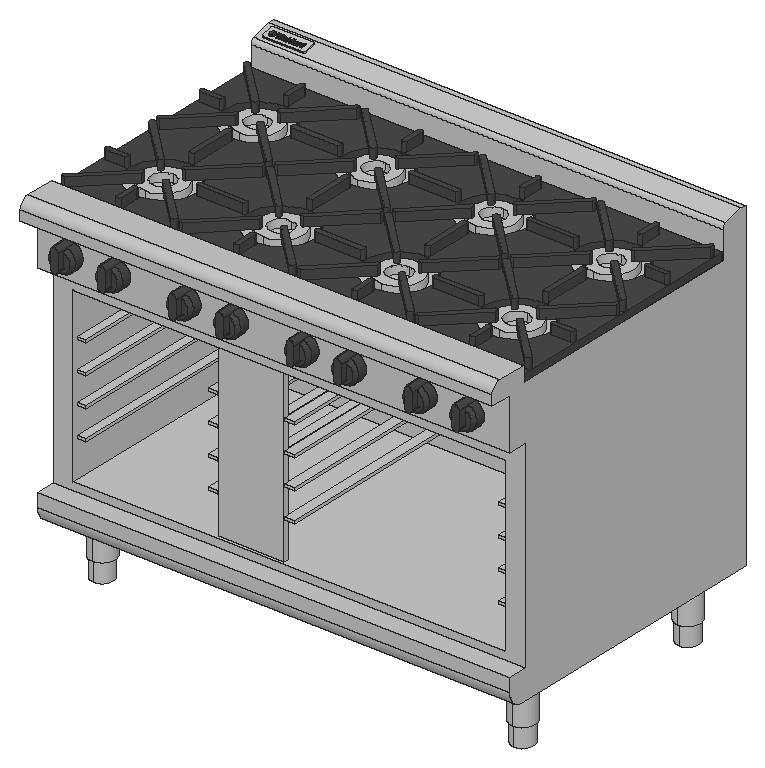
Revit family "QF_MOFFAT WALDORF_RNL8800G-CB", category Specialty Equipment, Revit 2012 (continued)
Definition of nested family "RNL8800G-CB-CASTERS"
  Forms (mm)
    Extrusion 3, solid, material "QF_Finishes_Stainless Steel", visible <- "Show Casters"
      sketch origin (3.326, 56.335, 0) x (0, 1, 0) y (0, 0, 1)
        loop
          line (-85.799, 141.118) -> (-85.799, 133.498) -> (-82.136, 133.498)
          arc (-82.136, 133.498) -> (-79.344, 132.328) -> (-77.146, 130.248) r 8.432
          line (-77.146, 130.248) -> (-39.502, 49.52)
          arc (-39.502, 49.52) -> (-13.784, 46.107) -> (-5.673, 70.75) r 20.32
          arc (-5.673, 70.75) -> (-7.065, 73.611) -> (-8.887, 76.22) r 20.32
          arc (-8.887, 76.22) -> (-9.399, 85.377) -> (-6.626, 94.119) r 25.4
          line (-6.626, 94.119) -> (8.003, 121.632)
          arc (8.003, 121.632) -> (-2.347, 126.31) -> (-13.34, 129.167) r 66.802
          line (-13.34, 129.167) -> (-13.765, 133.498) -> (-26.871, 133.498) -> (-26.871, 141.118) -> (-85.799, 141.118)
      from 20.058 to 22.923
    Extrusion 4, solid, material "QF_Finishes_Stainless Steel", visible <- "Show Casters"
      sketch origin (-49.224, 56.335, 0) x (0, 1, 0) y (0, 0, 1)
        loop
          line (-85.799, 141.118) -> (-85.799, 133.498) -> (-82.136, 133.498) -> (-18.877, 127.964) -> (7.14, 120.01) -> (8.003, 121.632)
          arc (8.003, 121.632) -> (-2.347, 126.31) -> (-13.34, 129.167) r 66.802
          line (-13.34, 129.167) -> (-13.765, 133.498) -> (-26.871, 133.498) -> (-26.871, 141.118) -> (-85.799, 141.118)
      from 26.098 to 72.56
    Revolve 5, solid, material "QF_Finishes_Stainless Steel", visible <- "Show Casters"
      sketch origin (-49.224, 30.821, 0) x (1, 0, 0) y (0, 0, 1)
        loop
          line (14.841, 63.604) -> (83.584, 63.604) -> (83.584, 67.109) -> (82.314, 68.379) -> (80.79, 68.379) -> (80.79, 71.826) -> (68.644, 71.826) -> (68.644, 81.79) -> (65.088, 83.843) -> (61.683, 104.879) -> (65.881, 104.879) -> (65.881, 111.229) -> (65.088, 111.229) -> (65.088, 117.579)
          arc (65.088, 117.579) -> (62.298, 124.314) -> (55.563, 127.104) r 9.525
          line (55.563, 127.104) -> (42.863, 127.104)
          arc (42.863, 127.104) -> (36.127, 124.314) -> (33.338, 117.579) r 9.525
          line (33.338, 117.579) -> (33.338, 111.229) -> (32.544, 111.229) -> (32.544, 104.879) -> (36.742, 104.879) -> (33.352, 83.932) -> (29.782, 81.871) -> (29.782, 71.826) -> (17.635, 71.826) -> (17.635, 68.379) -> (16.111, 68.379) -> (14.841, 67.109) -> (14.841, 63.604)
        axis (14.841, 63.604) -> (83.584, 63.604)
      angle from 0 to 360
  Cuts and joins
    joined: Extrusion 2, Extrusion 3, Extrusion 4
  Lines and regions (mm)
    symbolic lines, style "SpecialityEquipmentHiddenLines", visible <- "Show Casters"
      curve 1: line (18.009, 67.053, 0) -> (45.595, 51.127, 0)
      curve 2: line (-45.491, -42.932, 0) -> (18.009, 67.053, 0)
      curve 3: line (-17.905, -58.859, 0) -> (-45.491, -42.932, 0)
      curve 4: line (45.595, 51.127, 0) -> (-17.905, -58.859, 0)
  Dimensions and locks
    plane 4 "TOP" to level = 177.8 mm  (x2)
    Revolve 5 sketch curve to Revolve 5 sketch curve = 63.5 mm
    aligned and locked: level to plane 1
